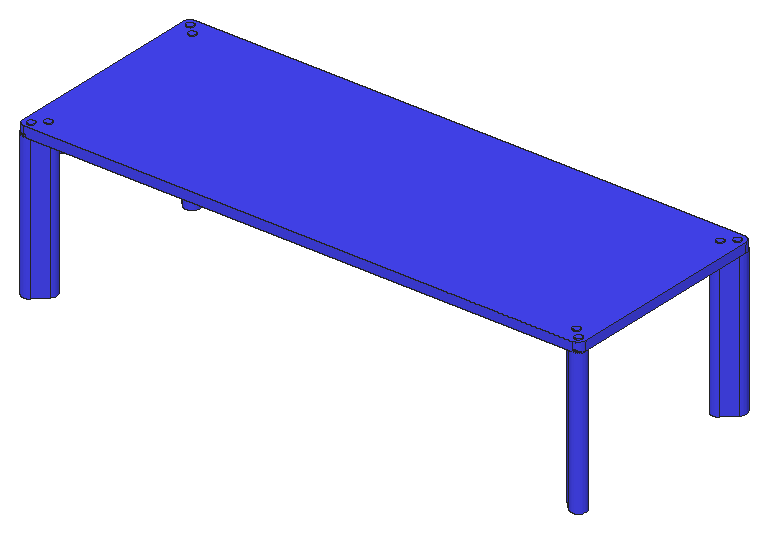
Revit family "MF.TABLE.2700", category Furniture, Revit 2023
Family settings
  OmniClass Number = 23.40.20.00
  OmniClass Title = General Furniture and Specialties
  Work Plane-Based = No
  Enable Cutting in Views = No
  Always vertical = Yes
  Cut with Voids When Loaded = No
  Render Appearance Source = Family Geometry
  Shared = No
  Room Calculation Point = No
Parameters
  Default Elevation = 0 mm
Reference planes
  plane 1 "Center (Front/Back)": y = 0
  plane 2: z = 0
  plane 3 "Center (Left/Right)": x = 0
Forms (mm)
  Extrusion 1, solid, material "Poche"
    sketch origin (0, 0, 0) x (1, 0, 0) y (0, 1, 0)
      loop
        arc (-1267.489, 522.285) -> (-1291.564, 512.313) -> (-1301.537, 488.237) r 34.048
        line (-1301.537, 488.237) -> (-1301.537, -473.052)
        arc (-1301.537, -473.052) -> (-1291.427, -497.459) -> (-1267.019, -507.569) r 34.517
        line (-1267.019, -507.569) -> (1363.308, -507.569)
        arc (1363.308, -507.569) -> (1387.961, -497.358) -> (1398.172, -472.705) r 34.864
        line (1398.172, -472.705) -> (1398.172, 487.658)
        arc (1398.172, 487.658) -> (1388.03, 512.143) -> (1363.545, 522.285) r 34.627
        line (1363.545, 522.285) -> (-1267.489, 522.285)
    from 690.042 to 735.042
  Extrusion 2, solid, material "Poche"
    sketch origin (0, 0, 0) x (1, 0, 0) y (0, 1, 0)
      loop
        line (-1241.577, -497.318) -> (-1188.544, -444.285)
        arc (-1188.544, -444.285) -> (-1188.544, -394.285) -> (-1238.543, -394.285) r 35.355
        line (-1238.543, -394.285) -> (-1291.576, -447.318)
        arc (-1291.576, -447.318) -> (-1291.576, -497.318) -> (-1241.577, -497.318) r 35.355
      loop
        arc (-1238.543, 409.147) -> (-1188.358, 408.961) -> (-1188.544, 459.147) r 35.356
        line (-1188.544, 459.147) -> (-1241.571, 512.174)
        arc (-1241.571, 512.174) -> (-1291.571, 512.174) -> (-1291.571, 462.174) r 35.355
        line (-1291.571, 462.174) -> (-1238.543, 409.147)
      loop
        arc (1284.889, 459.147) -> (1284.633, 408.891) -> (1334.888, 409.147) r 35.357
        line (1334.888, 409.147) -> (1387.921, 462.18)
        arc (1387.921, 462.18) -> (1387.921, 512.18) -> (1337.922, 512.18) r 35.355
        line (1337.922, 512.18) -> (1284.889, 459.147)
      loop
        line (1284.889, -444.285) -> (1337.922, -497.318)
        arc (1337.922, -497.318) -> (1387.751, -497.148) -> (1387.921, -447.318) r 35.356
        line (1387.921, -447.318) -> (1334.888, -394.285)
        arc (1334.888, -394.285) -> (1284.897, -394.294) -> (1284.889, -444.285) r 35.355
    from 0 to 700.042
  Extrusion 3, solid, material "Poche"
    sketch origin (0, 0, 0) x (1, 0, 0) y (0, 1, 0)
      loop
        line (-1181.497, 430.336) -> (-1209.251, 402.582) -> (-869.078, 62.41) -> (965.922, 62.41) -> (1305.856, 402.344) -> (1277.868, 430.332) -> (949.838, 102.302) -> (-853.462, 102.302) -> (-1181.497, 430.336)
      loop
        line (-1209.757, -387.214) -> (-1181.473, -415.499) -> (-853.543, -87.569) -> (949.888, -87.569) -> (1277.818, -415.499) -> (1306.102, -387.214) -> (966.457, -47.569) -> (-870.112, -47.569) -> (-1209.757, -387.214)
    from 605.042 to 688.042
  Extrusion 4, solid, material "Poche"
    sketch origin (0, 0.147, 0) x (1, 0, 0) y (0, 1, 0)
      loop
        circle (-1217.043, -422.277) r 16.844
      loop
        circle (-1263.338, -469.074) r 16.844
      loop
        circle (-1217.043, 437.723) r 16.844
      loop
        circle (-1263.338, 483.865) r 16.844
      loop
        circle (1312.768, 437.173) r 16.844
      loop
        circle (1359.618, 484.175) r 16.844
      loop
        circle (1313.386, -422.614) r 16.844
      loop
        circle (1359.745, -469.375) r 16.844
    from 690.042 to 735.8
  Extrusion 5, solid, material "Poche", not visible
    sketch origin (0, 0, 0) x (1, 0, 0) y (0, 1, 0)
      loop
        arc (-1267.489, 522.285) -> (-1291.564, 512.313) -> (-1301.537, 488.237) r 34.048
        line (-1301.537, 488.237) -> (-1301.537, -473.052)
        arc (-1301.537, -473.052) -> (-1291.427, -497.459) -> (-1267.019, -507.569) r 34.517
        line (-1267.019, -507.569) -> (1363.308, -507.569)
        arc (1363.308, -507.569) -> (1387.961, -497.358) -> (1398.172, -472.705) r 34.864
        line (1398.172, -472.705) -> (1398.172, 487.658)
        arc (1398.172, 487.658) -> (1388.03, 512.143) -> (1363.545, 522.285) r 34.627
        line (1363.545, 522.285) -> (-1267.489, 522.285)
    from 690.042 to 735.042
  Extrusion 6, solid, material "Poche", not visible
    sketch origin (0, 0, 0) x (1, 0, 0) y (0, 1, 0)
      loop
        line (-1241.577, -497.318) -> (-1188.544, -444.285)
        arc (-1188.544, -444.285) -> (-1188.544, -394.285) -> (-1238.543, -394.285) r 35.355
        line (-1238.543, -394.285) -> (-1291.576, -447.318)
        arc (-1291.576, -447.318) -> (-1291.576, -497.318) -> (-1241.577, -497.318) r 35.355
      loop
        arc (-1238.543, 409.147) -> (-1188.358, 408.961) -> (-1188.544, 459.147) r 35.356
        line (-1188.544, 459.147) -> (-1241.571, 512.174)
        arc (-1241.571, 512.174) -> (-1291.571, 512.174) -> (-1291.571, 462.174) r 35.355
        line (-1291.571, 462.174) -> (-1238.543, 409.147)
      loop
        arc (1284.889, 459.147) -> (1284.633, 408.891) -> (1334.888, 409.147) r 35.357
        line (1334.888, 409.147) -> (1387.921, 462.18)
        arc (1387.921, 462.18) -> (1387.921, 512.18) -> (1337.922, 512.18) r 35.355
        line (1337.922, 512.18) -> (1284.889, 459.147)
      loop
        line (1284.889, -444.285) -> (1337.922, -497.318)
        arc (1337.922, -497.318) -> (1387.751, -497.148) -> (1387.921, -447.318) r 35.356
        line (1387.921, -447.318) -> (1334.888, -394.285)
        arc (1334.888, -394.285) -> (1284.897, -394.294) -> (1284.889, -444.285) r 35.355
    from 0 to 700.042
  Extrusion 7, solid, material "Poche", not visible
    sketch origin (0, 0, 0) x (1, 0, 0) y (0, 1, 0)
      loop
        line (-1181.497, 430.336) -> (-1209.251, 402.582) -> (-869.078, 62.41) -> (965.922, 62.41) -> (1305.856, 402.344) -> (1277.868, 430.332) -> (949.838, 102.302) -> (-853.462, 102.302) -> (-1181.497, 430.336)
      loop
        line (-1209.757, -387.214) -> (-1181.473, -415.499) -> (-853.543, -87.569) -> (949.888, -87.569) -> (1277.818, -415.499) -> (1306.102, -387.214) -> (966.457, -47.569) -> (-870.112, -47.569) -> (-1209.757, -387.214)
    from 605.042 to 688.042
  Extrusion 8, solid, material "Poche", not visible
    sketch origin (0, 0.147, 0) x (1, 0, 0) y (0, 1, 0)
      loop
        circle (-1217.043, -422.277) r 16.844
      loop
        circle (-1263.338, -469.074) r 16.844
      loop
        circle (-1217.043, 437.723) r 16.844
      loop
        circle (-1263.338, 483.865) r 16.844
      loop
        circle (1312.768, 437.173) r 16.844
      loop
        circle (1359.618, 484.175) r 16.844
      loop
        circle (1313.386, -422.614) r 16.844
      loop
        circle (1359.745, -469.375) r 16.844
    from 690.042 to 735.8
Dimensions and locks
  aligned and locked: level to plane 2
